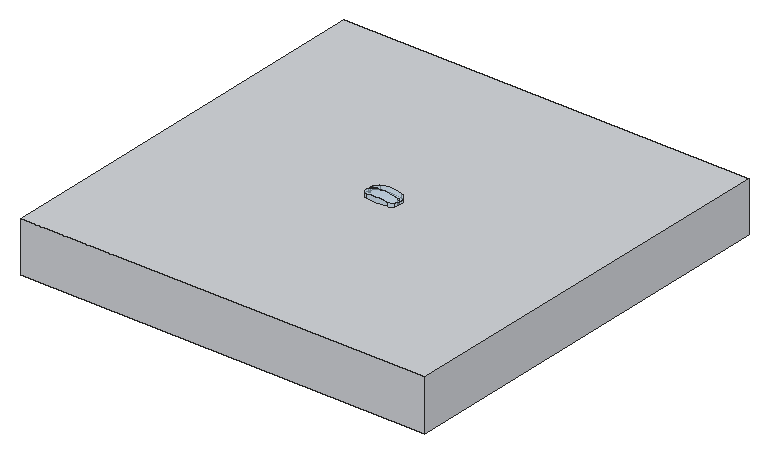
Revit family "GALAD Блистер LED", category Осветительные приборы, Revit 2018 (continued)
Parameters (values of type "GALAD Блистер LED-9 ECO IP30")
    1 1.83 1.69 1.27 0.99 0.70 0.42 0.28 0.28 0.14 0.14 0.14 0.14 0.14 0.42 0.70 0.85 0.85 1.41 0.99 0.14 0.00 0.00 0.14 \r\n287.28 287.28 287.71 287.14 285.31 283.48 280.66 277.14 273.20 268.83 263.76 258.12 252.48 245.44 238.39 230.65 222.47 213.74 204.86 195.42 185.56 175.41 164.85 154.00 143.01 131.46 120.04 108.63 96.94 85.66 74.39 63.83 54.24 45.37 37.20 29.87 23.25 17.89 11.98 8.17 5.92 4.79 4.23 3.95 3.38 2.96 2.82 2.40 1.97 1.69 1.41 1.27 0.99 0.70 0.42 0.28 0.14 0.14 0.14 0.00 0.00 0.00 0.14 0.28 0.56 0.70 0.56 1.27 0.85 0.14 0.00 0.00 0.14 \r\n287.28 287.28 287.71 287.00 285.31 283.62 280.52 277.00 273.20 268.69 263.61 257.98 251.78 245.44 238.11 230.22 222.33 213.74 204.72 195.14 185.42 175.13 164.71 153.72 142.44 131.31 119.62 108.21 96.37 85.10 73.83 63.40 53.54 44.95 36.77 29.73 22.82 17.47 10.00 5.64 4.79 4.09 3.66 3.24 2.82 2.40 2.25 1.97 1.55 1.27 1.13 0.99 0.70 0.56 0.28 0.14 0.14 0.00 0.00 0.00 0.00 0.00 0.14 0.28 0.42 0.56 0.42 0.99 0.70 0.14 0.00 0.00 0.14 \r\n287.28 287.28 287.71 286.86 285.31 283.34 280.38 276.86 273.34 268.41 263.61 257.84 251.64 245.16 237.69 230.22 222.05 213.74 204.44 194.86 185.14 175.13 164.28 153.29 142.16 130.75 119.48 108.07 95.95 84.54 73.41 62.84 53.12 44.66 36.63 29.45 22.68 16.63 10.14 5.49 4.09 3.38 2.96 2.54 2.11 1.83 1.83 1.69 1.41 1.13 0.99 0.85 0.56 0.42 0.28 0.14 0.00 0.00 0.00 0.00 0.00 0.00 0.00 0.14 0.42 0.42 0.28 0.70 0.56 0.00 0.00 0.00 0.14 \r\n287.28 287.14 287.71 286.86 285.31 283.20 280.52 276.86 273.34 268.41 263.61 257.98 251.78 245.02 237.83 230.22 222.05 213.46 204.16 194.72 184.71 174.71 164.00 153.29 142.16 130.61 119.34 107.50 95.81 84.54 73.12 62.70 52.98 44.52 36.63 29.31 22.40 16.77 9.30 4.93 4.09 3.38 2.96 2.68 2.11 1.83 1.83 1.55 1.41 1.13 0.99 0.85 0.70 0.42 0.28 0.14 0.00 0.00 0.00 0.00 0.00 0.00 0.00 0.14 0.28 0.42 0.14 0.56 0.42 0.00 0.00 0.00 0.14 \r\n287.28 287.14 287.71 286.72 285.17 283.06 280.52 276.86 273.34 268.55 263.61 258.12 251.64 245.02 238.11 230.08 221.91 213.32 204.44 194.72 184.71 174.57 163.86 153.15 141.88 130.61 119.20 107.50 95.95 84.26 73.27 62.84 53.12 44.24 36.49 29.17 22.12 16.77 8.45 5.21 4.65 3.95 3.52 3.10 2.54 2.25 2.11 1.83 1.55 1.41 1.27 0.99 0.85 0.56 0.42 0.28 0.14 0.14 0.14 0.00 0.00 0.00 0.00 0.14 0.14 0.28 0.14 0.28 0.28 0.00 0.00 0.00 0.14 \r\n287.28 287.14 287.57 286.86 285.17 283.06 280.52 277.00 273.05 268.69 263.47 257.84 251.36 244.88 238.11 229.66 222.05 213.32 204.58 194.58 185.00 174.71 164.14 153.15 141.88 130.89 119.20 107.64 96.09 84.68 73.41 62.84 53.12 44.38 36.35 28.88 22.40 17.19 10.99 7.89 5.49 4.51 4.09 3.66 3.10 2.68 2.40 2.11 1.83 1.69 1.41 1.27 0.99 0.70 0.56 0.28 0.28 0.28 0.14 0.14 0.14 0.14 0.00 0.00 0.14 0.14 0.00 0.14 0.14 0.00 0.00 0.00 0.14 \r\n287.28 287.00 287.57 286.86 285.17 283.06 280.38 277.00 272.91 268.69 263.47 257.70 251.64 244.88 237.83 229.94 222.05 212.89 204.16 195.00 185.14 174.71 164.28 153.58 142.44 131.17 119.48 107.78 96.37 84.68 73.83 62.98 53.40 44.52 36.49 29.45 22.97 17.75 11.69 8.74 6.34 5.21 4.79 4.37 3.80 3.24 2.82 2.54 2.25 2.11 1.83 1.55 1.27 0.99 0.70 0.56 0.42 0.28 0.28 0.28 0.14 0.14 0.14 0.14 0.14 0.14 0.00 0.14 0.14 0.00 0.00 0.00 0.14 \r\n287.28 287.00 287.57 286.86 285.17 282.92 280.24 277.00 273.05 268.69 263.33 257.84 252.06 245.02 237.97 230.22 222.19 213.32 204.16 195.14 185.42 174.99 164.57 153.72 142.59 131.17 119.76 108.35 96.51 85.10 74.11 63.54 53.82 44.95 36.91 29.73 23.53 18.32 12.96 9.58 7.61 6.34 5.64 5.07 4.51 4.09 3.52 3.10 2.82 2.54 2.25 1.83 1.55 1.27 0.99 0.70 0.56 0.42 0.42 0.28 0.28 0.14 0.14 0.14 0.14 0.14 0.14 0.00 0.14 0.00 0.00 0.00 0.14 \r\n287.28 287.00 287.43 286.86 285.17 282.92 280.24 277.00 273.05 268.83 263.47 257.84 252.06 245.02 238.11 230.36 222.33 213.88 204.58 195.42 185.28 175.41 164.71 153.72 143.01 131.46 120.32 108.63 97.08 85.52 74.67 63.97 54.39 45.51 37.34 30.29 24.09 19.02 14.09 10.57 8.17 7.04 6.48 5.92 5.35 4.79 4.09 3.66 3.24 2.96 2.68 2.25 1.83 1.55 1.27 0.99 0.85 0.70 0.56 0.42 0.28 0.28 0.28 0.28 0.14 0.28 0.14 0.14 0.00 0.00 0.00 0.00 0.14 \r\n287.28 286.86 287.43 286.86 285.03 282.78 280.24 277.00 273.05 268.69 263.61 258.12 252.06 245.16 238.39 230.50 222.76 214.02 204.86 195.70 185.70 175.70 165.13 154.14 143.15 132.16 120.47 109.05 97.64 86.23 75.38 64.81 55.09 45.93 38.04 30.86 24.94 19.73 15.36 11.41 8.88 7.75 7.33 6.76 6.06 5.49 4.93 4.37 3.80 3.52 3.10 2.68 2.25 1.97 1.55 1.27 1.13 0.85 0.70 0.56 0.42 0.28 0.28 0.28 0.28 0.42 0.28 0.14 0.00 0.00 0.00 0.00 0.14 \r\n287.28 286.86 287.43 286.72 285.17 282.92 280.38 277.00 273.05 268.55 263.76 258.12 252.06 245.44 238.54 230.65 222.90 214.30 205.28 195.99 185.84 175.98 165.55 154.56 143.71 132.30 121.03 109.48 97.92 86.65 75.66 65.38 55.65 46.64 38.61 31.56 25.50 20.43 16.20 12.40 9.72 8.31 7.89 7.47 6.90 6.20 5.35 4.79 4.37 3.95 3.52 3.10 2.68 2.25 1.97 1.69 1.41 1.13 0.99 0.70 0.56 0.42 0.42 0.42 0.56 0.56 0.56 0.28 0.14 0.00 0.00 0.00 0.14 \r\n287.28 286.86 287.28 286.72 285.17 282.92 280.38 277.14 273.34 268.55 263.90 258.12 251.92 245.58 238.54 230.93 222.76 214.44 205.57 195.99 186.26 176.26 165.69 154.84 144.14 132.58 121.17 109.62 98.49 87.21 76.37 66.08 56.36 47.48 39.45 32.26 26.35 21.28 17.19 13.53 10.71 9.02 8.31 8.03 7.61 6.90 6.20 5.49 4.93 4.51 4.09 3.52 3.10 2.68 2.25 1.97 1.69 1.41 1.27 0.99 0.70 0.56 0.42 0.56 0.70 0.85 0.85 0.56 0.14 0.00 0.00 0.00 0.14 \r\n287.28 286.86 287.28 286.72 285.17 282.92 280.38 277.14 273.48 268.69 263.90 258.26 252.34 246.00 238.68 231.07 222.90 214.44 205.28 196.41 186.55 176.54 165.97 155.41 144.28 133.00 121.59 110.32 98.77 87.64 76.93 66.64 56.92 48.19 40.16 33.11 27.05 22.12 17.89 14.37 11.55 9.86 8.88 8.59 8.17 7.47 6.62 6.06 5.49 5.07 4.51 3.95 3.38 2.96 2.68 2.25 1.97 1.69 1.41 1.27 0.99 0.70 0.70 0.70 0.85 0.99 0.99 0.70 0.28 0.00 0.00 0.00 0.14 \r\n287.28 286.86 287.28 286.72 285.03 282.78 280.24 277.00 273.20 268.97 264.04 258.40 252.48 246.00 238.82 231.07 223.46 214.72 205.71 196.69 186.97 176.82 166.40 155.69 144.70 133.57 122.02 110.60 99.47 88.34 77.63 67.21 57.63 48.75 40.72 33.81 27.90 22.82 18.74 15.36 12.54 10.57 9.44 8.88 8.59 8.03 7.19 6.62 6.06 5.49 4.93 4.37 3.80 3.38 2.96 2.68 2.25 1.97 1.69 1.41 1.27 0.99 0.85 0.85 0.99 1.27 1.27 0.99 0.28 0.00 0.00 0.00 0.14 \r\n287.28 286.72 287.28 286.72 285.03 282.92 280.24 277.14 273.20 269.11 263.90 258.54 252.48 246.00 239.10 231.35 223.46 215.01 206.13 196.69 187.11 177.11 166.54 155.69 144.98 133.99 122.58 111.17 99.89 88.76 78.20 67.91 58.33 49.45 41.56 34.52 28.60 23.67 19.58 16.20 13.39 11.41 10.14 9.44 9.16 8.59 7.75 7.04 6.48 5.92 5.35 4.79 4.23 3.80 3.38 2.96 2.54 2.25 1.97 1.69 1.41 1.27 1.13 1.13 1.27 1.41 1.55 1.13 0.42 0.00 0.00 0.00 0.14 \r\n287.28 286.72 287.14 286.72 285.03 283.06 280.38 277.14 273.34 269.11 263.90 258.68 252.62 246.43 239.24 231.49 223.60 215.15 206.41 196.97 187.25 177.39 166.96 155.97 145.12 134.13 123.00 111.45 100.32 89.19 78.62 68.62 59.04 50.44 42.55 35.51 29.45 24.52 20.43 17.05 14.37 12.26 10.85 10.00 9.58 9.02 8.31 7.61 7.04 6.48 5.78 5.21 4.65 4.09 3.66 3.24 2.96 2.54 2.25 1.97 1.69 1.55 1.41 1.41 1.55 1.69 1.69 1.27 0.42 0.00 0.00 0.00 0.14 \r\n287.28 286.72 287.14 286.72 285.03 283.06 280.52 277.14 273.34 269.11 264.04 258.82 252.91 246.28 239.38 231.63 223.88 215.29 206.69 197.39 187.53 177.53 167.38 156.39 145.83 134.55 123.14 111.87 100.74 89.61 79.04 69.18 59.74 51.14 43.25 36.35 30.29 25.36 21.28 17.89 15.08 12.96 11.41 10.57 10.00 9.58 9.02 8.31 7.47 6.76 6.06 5.49 4.93 4.51 3.95 3.52 3.24 2.82 2.54 2.25 1.97 1.83 1.69 1.69 1.83 1.97 1.97 1.55 0.56 0.00 0.00 0.00 0.14 \r\n287.28 286.72 287.14 286.72 285.03 283.06 280.52 277.14 273.48 268.97 264.18 258.97 253.05 246.28 239.24 231.63 223.88 215.43 206.83 197.39 187.81 177.53 167.38 156.82 145.97 134.70 123.56 112.43 101.16 90.17 79.75 69.88 60.44 51.71 43.96 37.20 31.14 26.07 21.98 18.60 15.92 13.81 12.26 11.27 10.57 10.00 9.44 8.88 8.03 7.19 6.48 5.92 5.35 4.79 4.37 3.80 3.52 3.10 2.68 2.40 2.25 2.11 2.11 2.11 2.25 2.40 2.25 1.69 0.70 0.00 0.00 0.00 0.14 \r\n287.28 286.72 287.00 286.72 285.03 282.92 280.66 277.14 273.34 269.11 264.18 258.82 253.05 246.43 239.38 231.91 224.02 215.57 206.83 197.68 188.09 177.81 167.67 157.10 146.25 135.12 123.99 112.72 101.59 90.74 80.45 70.45 61.15 52.41 44.66 37.76 31.98 26.91 22.82 19.44 16.77 14.51 12.96 11.84 11.13 10.57 10.14 9.44 8.59 7.61 6.90 6.20 5.64 5.07 4.65 4.09 3.66 3.38 2.96 2.68 2.54 2.40 2.54 2.68 2.82 2.82 2.54 1.97 0.70 0.00 0.00 0.00 0.14 \r\n287.28 286.72 287.00 286.72 285.17 283.06 280.66 277.28 273.34 269.39 264.46 258.82 253.05 246.57 239.52 232.20 224.30 215.85 206.97 197.96 188.38 178.23 167.95 157.24 146.39 135.26 124.13 112.86 101.87 91.16 80.73 70.87 61.71 53.26 45.51 38.61 32.83 27.76 23.67 20.29 17.47 15.36 13.67 12.54 11.84 11.27 10.71 9.86 9.02 8.03 7.19 6.62 5.92 5.35 4.93 4.37 3.95 3.52 3.24 2.96 2.82 2.82 2.82 3.10 3.24 3.24 2.82 2.11 0.85 0.00 0.00 0.00 0.14 \r\n287.28 286.72 287.00 286.72 285.31 283.20 280.52 277.42 273.48 269.39 264.46 259.11 253.19 246.85 239.94 232.34 224.73 216.27 207.26 198.10 188.66 178.51 168.23 157.66 146.67 135.82 124.69 113.28 102.29 91.72 81.30 71.57 62.42 53.96 46.35 39.59 33.67 28.60 24.37 20.99 18.18 16.06 14.23 13.10 12.26 11.69 11.13 10.29 9.44 8.45 7.47 6.90 6.20 5.64 5.07 4.65 4.23 3.80 3.52 3.24 3.10 3.10 3.38 3.52 3.66 3.52 3.10 2.40 0.99 0.00 0.00 0.00 0.14 \r\n287.28 286.72 287.00 286.72 285.31 283.20 280.38 277.42 273.76 269.39 264.60 259.39 253.33 246.99 240.09 232.62 224.87 216.56 207.82 198.52 188.66 178.80 168.09 157.80 147.09 135.82 124.69 113.42 102.71 92.29 81.72 72.14 62.98 54.53 47.06 40.30 34.38 29.31 25.08 21.56 18.88 16.63 14.93 13.67 12.82 12.26 11.55 10.57 9.72 8.74 7.89 7.19 6.62 5.92 5.35 4.93 4.37 4.09 3.80 3.52 3.52 3.52 3.66 3.95 4.09 3.80 3.38 2.54 1.13 0.14 0.00 0.00 0.14 \r\n287.28 286.72 286.86 286.58 285.17 283.06 280.52 277.42 273.76 269.53 264.74 259.39 253.47 247.13 240.09 232.62 224.73 216.41 207.82 198.52 188.80 179.22 168.93 158.23 147.52 136.39 125.54 114.27 103.14 92.71 82.42 72.84 63.83 55.51 47.90 41.00 35.22 30.15 25.92 22.40 19.58 17.33 15.50 14.23 13.24 12.54 11.84 10.85 10.00 9.16 8.31 7.47 6.76 6.20 5.64 5.07 4.65 4.23 4.09 3.80 3.80 3.95 4.09 4.37 4.37 4.09 3.52 2.82 1.27 0.14 0.00 0.00 0.14 \r\n287.28 286.72 286.86 286.58 285.03 283.06 280.52 277.56 273.76 269.39 264.74 259.25 253.47 247.13 240.23 233.04 225.01 216.41 207.96 198.80 188.94 179.22 168.93 158.37 147.52 136.53 125.26 114.41 103.42 92.85 82.85 73.27 64.25 56.08 48.47 41.85 35.93 30.86 26.63 23.11 20.15 17.89 16.06 14.79 13.67 12.82 11.98 10.99 10.14 9.44 8.74 7.75 7.04 6.34 5.78 5.35 4.93 4.51 4.37 4.23 4.23 4.37 4.51 4.65 4.51 4.23 3.66 2.96 1.41 0.14 0.00 0.00 0.14 \r\n287.28 286.72 286.86 286.44 285.03 282.92 280.52 277.56 273.62 269.39 264.74 259.11 253.05 247.13 239.94 232.76 224.87 216.27 207.82 198.52 189.08 179.08 168.79 158.37 147.52 136.53 125.68 114.41 103.56 93.13 83.13 73.69 64.81 56.64 49.17 42.55 36.63 31.56 27.33 23.67 20.85 18.46 16.63 15.22 14.09 12.96 12.12 11.27 10.29 9.58 8.88 7.89 7.04 6.48 5.92 5.49 5.07 4.79 4.65 4.51 4.51 4.65 4.79 4.93 4.65 4.23 3.80 2.96 1.55 0.14 0.00 0.00 0.14 \r\n287.28 286.58 286.72 286.30 285.03 282.92 280.52 277.28 273.62 269.25 264.60 259.25 253.33 247.13 240.23 232.62 224.87 216.56 207.82 198.94 189.08 179.08 168.93 158.37 147.66 136.67 125.54 114.69 104.12 93.70 83.69 74.25 65.38 57.20 49.74 43.11 37.20 32.12 27.76 24.23 21.28 19.02 17.05 15.64 14.23 12.96 12.12 11.27 10.43 9.86 9.16 8.31 7.47 6.76 6.20 5.78 5.35 5.07 4.93 4.93 4.93 5.07 5.21 5.07 4.79 4.37 3.95 3.10 1.55 0.14 0.00 0.00 0.14 \r\n287.28 286.58 286.72 286.16 284.89 282.92 280.38 277.28 273.62 269.25 264.46 259.39 253.47 246.99 240.09 232.76 225.01 216.84 208.24 198.80 189.22 179.36 169.21 158.79 147.94 137.09 125.96 114.97 104.26 93.70 83.83 74.53 65.66 57.77 50.30 43.68 38.04 32.97 28.60 24.94 21.98 19.58 17.61 15.92 14.37 13.10 12.12 11.27 10.43 9.72 9.02 8.31 7.47 6.90 6.48 6.06 5.64 5.49 5.35 5.21 5.35 5.35 5.35 5.21 4.93 4.51 3.95 3.10 1.69 0.28 0.00 0.00 0.14 \r\n287.28 286.58 286.58 286.02 284.89 282.92 280.24 277.28 273.48 269.11 264.46 259.39 253.61 246.99 240.09 232.76 225.01 216.70 208.10 198.94 189.22 179.36 169.07 158.51 147.94 136.95 125.82 115.11 104.54 94.12 84.26 74.96 66.36 58.19 51.00 44.38 38.46 33.39 29.02 25.36 22.40 19.87 17.75 15.92 14.23 12.96 11.98 11.27 10.57 9.86 9.16 8.45 7.75 7.04 6.62 6.34 6.06 5.78 5.64 5.64 5.78 5.78 5.64 5.35 5.07 4.51 4.09 3.24 1.69 0.28 0.00 0.00 0.14 \r\n287.28 286.58 286.58 285.88 284.89 283.06 280.24 277.14 273.48 269.11 264.60 259.39 253.47 246.99 240.23 232.90 224.87 216.84 208.24 199.23 189.50 179.36 168.93 158.65 148.08 137.23 126.24 115.39 104.83 94.40 84.68 75.38 66.64 58.75 51.43 44.80 39.03 33.96 29.59 25.92 22.82 20.29 18.18 16.06 14.09 12.68 11.69 10.99 10.29 9.58 9.16 8.59 7.89 7.33 6.90 6.62 6.34 6.20 6.20 6.06 6.06 6.06 5.78 5.49 5.07 4.65 4.09 3.24 1.83 0.42 0.00 0.00 0.14 \r\n287.28 286.58 286.44 285.88 284.89 283.06 280.38 277.28 273.62 269.25 264.60 259.39 253.33 246.99 240.37 232.90 224.87 216.84 208.10 198.94 189.36 179.50 169.36 158.79 147.94 137.23 126.38 115.53 104.83 94.68 84.82 75.66 67.21 59.18 51.85 45.37 39.59 34.38 30.01 26.21 23.25 20.71 18.32 15.92 13.81 12.26 11.69 11.13 10.43 9.72 9.16 8.74 8.03 7.47 7.19 6.90 6.76 6.62 6.62 6.48 6.48 6.20 5.92 5.49 5.07 4.65 4.09 3.38 1.97 0.56 0.00 0.00 0.14 \r\n287.28 286.72 286.44 285.74 284.75 283.06 280.38 277.28 273.62 269.39 264.74 259.39 253.47 246.99 240.23 232.90 224.87 216.70 208.10 199.08 189.50 179.50 169.21 158.93 148.22 137.37 126.38 115.39 104.97 94.82 84.96 75.94 67.35 59.60 52.41 45.93 40.01 35.08 30.57 26.91 23.67 21.13 18.60 16.06 13.53 11.69 10.85 10.57 10.29 9.72 9.30 8.88 8.45 7.89 7.61 7.33 7.19 7.19 7.04 6.90 6.62 6.34 5.92 5.49 5.21 4.79 4.23 3.52 2.25 0.70 0.00 0.00 0.14 \r\n287.28 286.72 286.44 285.59 284.61 282.78 280.24 277.28 273.34 269.25 264.46 259.25 253.33 247.13 240.23 232.90 225.01 216.84 207.82 198.80 189.22 179.22 169.07 158.65 148.22 137.09 126.24 115.67 105.25 95.10 85.24 76.22 67.77 59.88 52.69 46.07 40.30 35.22 30.86 27.05 23.95 21.42 18.88 16.34 13.67 11.41 10.43 10.43 10.14 9.58 9.16 8.88 8.59 8.17 8.03 7.89 7.75 7.61 7.33 7.04 6.76 6.34 5.92 5.64 5.21 4.79 4.23 3.66 2.54 0.99 0.00 0.00 0.14 \r\n287.28 286.72 286.44 285.59 284.33 282.64 280.24 277.28 273.34 269.25 264.46 259.11 253.33 246.85 240.09 232.76 225.01 216.84 208.10 198.94 189.22 179.36 169.21 158.51 147.94 137.37 126.52 115.67 105.11 95.10 85.52 76.51 68.05 60.16 53.12 46.64 40.86 35.65 31.28 27.47 24.37 21.84 19.30 16.34 13.39 11.13 9.86 10.00 10.14 9.86 9.44 9.30 9.02 8.74 8.45 8.31 8.17 7.89 7.47 7.19 6.76 6.48 6.06 5.64 5.35 4.93 4.37 3.66 2.68 1.13 0.00 0.00 0.14 \r\n287.28 286.72 286.44 285.59 284.19 282.35 280.24 277.28 273.48 269.39 264.46 259.11 253.47 246.85 240.23 233.04 225.01 216.70 208.10 198.94 189.36 179.50 169.36 158.79 148.08 137.23 126.52 115.82 105.11 95.10 85.38 76.37 68.05 60.44 53.26 46.78 41.00 35.93 31.56 27.62 24.52 21.98 19.44 16.77 13.67 10.71 9.02 9.16 9.72 9.72 9.72 9.72 9.58 9.30 9.02 8.74 8.31 8.03 7.61 7.19 6.90 6.48 6.06 5.78 5.35 4.93 4.37 3.80 2.82 1.27 0.14 0.00 0.14 \r\n287.28 286.72 286.58 285.59 284.04 282.21 279.82 276.86 273.34 269.39 264.32 258.97 253.05 246.71 240.23 232.62 224.87 216.70 207.82 198.52 189.08 179.36 169.21 158.79 148.08 137.23 126.38 115.67 105.39 95.39 85.66 76.65 68.33 60.58 53.54 47.20 41.28 36.21 31.84 28.04 24.80 22.12 19.58 16.34 13.10 10.29 8.74 9.02 10.00 10.29 10.14 10.14 10.00 9.58 9.16 8.88 8.45 8.03 7.75 7.33 6.90 6.62 6.20 5.78 5.35 4.93 4.51 3.95 2.96 1.41 0.14 0.00 0.14 \r\n287.28 286.72 286.58 285.59 284.19 282.07 279.39 276.44 272.91 268.97 264.18 259.11 253.19 246.85 239.94 232.62 224.87 216.41 207.96 198.94 188.94 178.94 168.79 158.51 147.94 137.09 126.38 115.67 105.39 95.25 85.66 76.65 68.47 60.73 53.68 47.20 41.42 36.35 31.98 28.18 24.94 22.26 19.58 16.34 12.68 9.86 8.31 8.45 10.00 10.71 10.57 10.43 10.29 9.86 9.44 9.02 8.59 8.17 7.75 7.33 7.04 6.62 6.20 5.92 5.49 5.07 4.51 3.95 3.10 1.55 0.14 0.00 0.14 \r\n287.28 286.72 286.58 285.74 284.1
